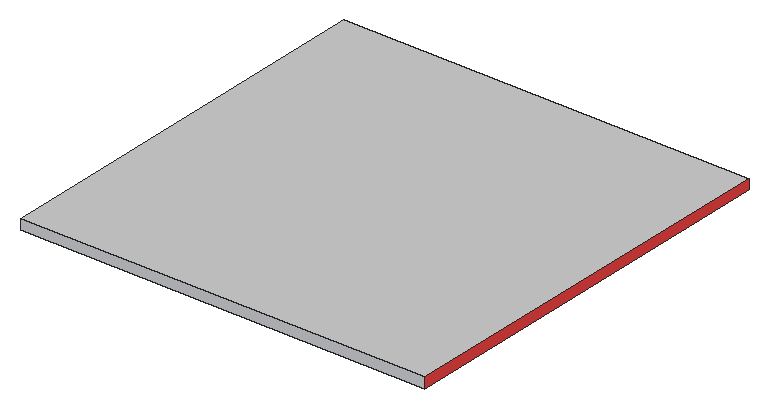
Revit family "GRIFO DUCHA KILY con accesorios de ducha", category Aparatos sanitarios, Revit 2015
Parameters (values of type "4953000")
  URL = "http://www.griferiasgalindo.com/ducha/kily/grifo-ducha-kily?c=es"
  Teléfono = "(+34) 915 782 575"
  TIPO DE AGUA = "Fria/Caliente"
  REFERENCIA = "4953000"
  Presión Máxima = ""
  PESO BRUTO = ""
  Modelo = "KILY"
  Material = LATON CROMADO
  Imagen de tipo = <Ninguno>
  Fabricante = "PRESTO IBÉRICA"
  Default Elevation = 1219.2 mm
  ENTRADA = "Entrada Hembra 3/4\" a 1/2'' con excéntrica y embellecedor."
  Descripción = "Grifo monomando de ducha Kily. Colección de líneas refinadas y elegantes que se adaptan a todo tipo de ambientes. Su original maneta de forma ondulada destaca en inclinación del escultural diseño del cuerpo del grifo. Una grifería que decora el espacio de baño con personalidad siendo piezas prácticas y ergonómicas muy confortables con el toque de distinción perfecto."
  Código de montaje = "C1030220"
  Contacto = "info@prestoiberica.com"
  Conexión AF = yes
  Conexión AC = yes
  Comentarios de tipo = "◦Grifo monomando ducha\r\n◦Acabado Cromo\r\n◦Aireador oculto\r\n◦Sin accesorios de ducha\r\n◦Cartucho con discos cerámicos de diámetro 35 mm\r\n◦Entrada Hembra 3/4\" a 1/2'' con excéntrica y embellecedor"
  CIERRE = ""
  CAUDAL = "25,2 l/min a 3 bar"
  Accionamiento = "Por maneta"
Reference planes
  plane 1 "Centro (Frontal/Posterior)": y = 0
  plane 2: z = 0
  plane 3 "Centro (Izquierda/Derecha)": x = 0
Forms (mm)
  Extrusion 1, solid
    sketch origin (0, 0, 0) x (1, 0, 0) y (0, 1, 0)
      loop
        line (-100, 100) -> (-100, -100) -> (100, -100) -> (100, 100) -> (-100, 100)
    from 0 to -5
Dimensions and locks
  Extrusion 1 sketch curve to plane 1 "Centro (Frontal/Posterior)" = 100 mm
  aligned and locked: plane 2 to Extrusion 1
  aligned and locked: level to Extrusion 1
Connectors
  piping at (-75.941, 12.275, -16.9), diameter 12.7
    settings: on import instance, index 1, connector inside diameter 609.6 mm, connector length 0 mm, flow factor 0, pipe flow 0.0 L/s, pressure drop 0.0 Pa, fitting loss kfactor 0, connector angle 0.00°, fixture units 0, engagement length 0 mm, angle of deflection 0.00°, flow configuration 0, flow direction 1, fitting loss method 0, system type 19, joint type 0, gender type 0, connector reference index -1, connector utility 0, adjustable connector no, is connector primary yes, connector description ""
  piping at (73.759, 12.275, -16.9), diameter 12.7
    settings: on import instance, index 2, connector inside diameter 609.6 mm, connector length 0 mm, flow factor 0, pipe flow 0.0 L/s, pressure drop 0.0 Pa, fitting loss kfactor 0, connector angle 0.00°, fixture units 0, engagement length 0 mm, angle of deflection 0.00°, flow configuration 0, flow direction 1, fitting loss method 0, system type 20, joint type 0, gender type 0, connector reference index -1, connector utility 0, adjustable connector no, is connector primary no, connector description ""
